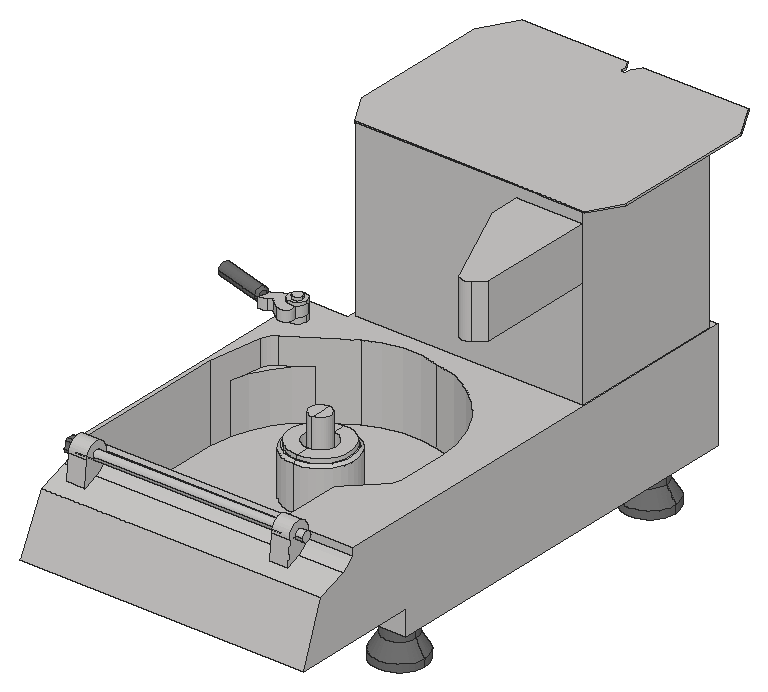
Revit family "QF_ELECTROLUXPROFESSIONAL_603283_TR260F2V20", category Specialty Equipment, Revit 2018
Family settings
  Round Connector Dimension = Use Diameter
  Part Type = Normal
  Work Plane-Based = No
  Always vertical = Yes
  Cut with Voids When Loaded = No
  Shared = No
  Room Calculation Point = No
Parameters (values of type "Standard")
  Weight = 49.00 kg
  Watts = 0 W
  Volts = 220 V
  URL Manufacturer = "http://professional.electrolux.com"
  URL = "http://professional.electrolux.com"
  Steam Supply Size = 0 mm
  Steam Supply Minimum Pressure = 0.0 Pa
  Steam Supply Maximum Pressure = 0.0 Pa
  Steam Pounds per Hour = 0
  Refrigeration Suction Line Size = 0 mm
  Refrigeration Liquid Line Size = 0 mm
  Refrigerant Compressor Remote = yes
  Manufacturer = "Electrolux Professional"
  Phase = 3
  Model = "TR260F2V20"
  Length Actual = 750 mm  # constant formula
  Item Number = "603283"
  Hot Water Size = 0 mm
  Height Actual = 440 mm  # constant formula
  HP = "2.7 HP"
  Gas Size = 0 mm
  Gas KW = 0
  Gas Input Pressure = 0 W
  Direct Waste Size = 0 mm
  Description = "VEG.SLICER-FLAT PANEL-2 SP. 200-240/3/50"
  Depth Actual = 400 mm  # constant formula
  Cycle = 50 Hz
  Condensate Return Size = 0 mm
  Compressed Air Volume = 0.0 L/s
  Compressed Air Size = 0 mm
  Compressed Air Pressure = 0.0 Pa
  Cold Water Size = 0 mm
  Accessory = yes
Reference planes
  plane 1 "Center (Front/Back)": y = 0
  plane 2: z = 0
  plane 3 "Center (Left/Right)": x = 0
  plane 4 "BASE": z = 60
  plane 5 "TOP": z = 436
  plane 6 "FRONT": y = -375
  plane 7 "BACK": y = 375
  plane 8 "LEFT": x = -200
  plane 9 "RIGHT": x = 200
  plane 10: z = 104.066
  plane 11 "CX": x = -30.257
  plane 12: through (-207.564, 46.512, 4000) normal (-0.2756, -0.9613, 0)
  plane 13 "Man0": z = 225
Forms (mm)
  Extrusion 1, solid, material "QF_Finishes_Rubber Black"
    sketch origin (0, 0, 0) x (1, 0, 0) y (0, 1, 0)
      loop
        circle (-157.5, 265) r 34
    from 0 to 9.998
  Blend 2, solid, material "QF_Finishes_Rubber Black"
    base sketch origin (0, 0, 0) x (1, 0, 0) y (0, 1, 0)
      loop
        circle (-157.5, 265) r 34
    top sketch origin (0, 0, 0) x (1, 0, 0) y (0, 1, 0)
      loop
        circle (-157.5, 265) r 22
    from 10 to 30
  Extrusion 3, solid, material "QF_Finishes_Rubber Black"
    sketch origin (0, 0, 0) x (1, 0, 0) y (0, 1, 0)
      loop
        circle (-157.5, 265) r 22
    from 30 to 60
  Extrusion 4, solid, material "QF_Finishes_Rubber Black"
    sketch origin (0, -415, 0) x (1, 0, 0) y (0, 1, 0)
      loop
        circle (-157.5, 265) r 34
    from 0 to 9.998
  Blend 5, solid, material "QF_Finishes_Rubber Black"
    base sketch origin (0, -415, 0) x (1, 0, 0) y (0, 1, 0)
      loop
        circle (-157.5, 265) r 34
    top sketch origin (0, -415, 0) x (1, 0, 0) y (0, 1, 0)
      loop
        circle (-157.5, 265) r 22
    from 10 to 30
  Extrusion 6, solid, material "QF_Finishes_Rubber Black"
    sketch origin (0, -415, 0) x (1, 0, 0) y (0, 1, 0)
      loop
        circle (-157.5, 265) r 22
    from 30 to 60
  Extrusion 7, solid, material "QF_Finishes_Rubber Black"
    sketch origin (-27.5, 0, 0) x (-1, 0, 0) y (0, -1, 0)
      loop
        circle (-157.5, -265) r 34
    from 0 to 9.998
  Blend 8, solid, material "QF_Finishes_Rubber Black"
    base sketch origin (-27.5, 0, 0) x (-1, 0, 0) y (0, -1, 0)
      loop
        circle (-157.5, -265) r 34
    top sketch origin (-27.5, 0, 0) x (-1, 0, 0) y (0, -1, 0)
      loop
        circle (-157.5, -265) r 22
    from 10 to 30
  Extrusion 9, solid, material "QF_Finishes_Rubber Black"
    sketch origin (-27.5, 0, 0) x (-1, 0, 0) y (0, -1, 0)
      loop
        circle (-157.5, -265) r 22
    from 30 to 60
  Extrusion 10, solid, material "QF_Finishes_Rubber Black"
    sketch origin (-27.5, -415, 0) x (-1, 0, 0) y (0, -1, 0)
      loop
        circle (-157.5, -265) r 34
    from 0 to 9.998
  Blend 11, solid, material "QF_Finishes_Rubber Black"
    base sketch origin (-27.5, -415, 0) x (-1, 0, 0) y (0, -1, 0)
      loop
        circle (-157.5, -265) r 34
    top sketch origin (-27.5, -415, 0) x (-1, 0, 0) y (0, -1, 0)
      loop
        circle (-157.5, -265) r 22
    from 10 to 30
  Extrusion 12, solid, material "QF_Finishes_Rubber Black"
    sketch origin (-27.5, -415, 0) x (-1, 0, 0) y (0, -1, 0)
      loop
        circle (-157.5, -265) r 22
    from 30 to 60
  Extrusion 13, solid, material "QF_Finishes_Stainless Steel"
    sketch origin (0, 0, 0) x (0, 1, 0) y (0, 0, 1)
      loop
        line (320, 60) -> (320, 205) -> (-285, 205) -> (-285, 195)
        arc (-285, 195) -> (-291.829, 187.582) -> (-300.321, 182.144) r 39.318
        line (-300.321, 182.144) -> (-337.909, 168.463) -> (-366.578, 93.777) -> (-196.578, 93.777) -> (-196.578, 60) -> (320, 60)
    from -200 to 176.117
  Extrusion 14, void
    sketch origin (0, 375, 0) x (-1, 0, 0) y (0, 0, 1)
      loop
        line (199.965, 94.282) -> (207.223, 94.282) -> (207.223, 205) -> (192.223, 205) -> (199.965, 94.282)
    from -772.928 to -41.104
  Extrusion 15, void
    sketch origin (0, 375, 0) x (-1, 0, 0) y (0, 0, 1)
      loop
        line (199.96, 94.349) -> (192.223, 205) -> (133.474, 205) -> (199.96, 94.349)
    from -55 to -281.494
  Extrusion 16, solid, material "QF_Finishes_Stainless Steel"
    sketch origin (0, 0, 0) x (1, 0, 0) y (0, 1, 0)
      loop
        line (-127.778, 308.325) -> (-127.778, 99.647) -> (173.289, 99.647) -> (173.289, 308.325) -> (-127.778, 308.325)
    from 205 to 434
  Extrusion 17, solid, material "QF_Finishes_Stainless Steel"
    sketch origin (0, 0, 0) x (1, 0, 0) y (0, 1, 0)
      loop
        line (173.289, 99.647) -> (86.117, 99.647) -> (86.117, 59.647) -> (141.727, -65.256)
        arc (141.727, -65.256) -> (150.503, -72.174) -> (161.175, -68.86) r 12
        line (161.175, -68.86) -> (173.289, -56.747) -> (173.289, 99.647)
    from 350.263 to 420.638
  Extrusion 18, solid, material "QF_Finishes_Stainless Steel"
    sketch origin (0, 0, 0) x (1, 0, 0) y (0, 1, 0)
      loop
        line (-127.778, 375) -> (-153.883, 329.785) -> (-153.883, 142.948) -> (-128.883, 99.647) -> (176.117, 99.647) -> (200, 137.879) -> (200, 327.879) -> (172.795, 375) -> (32.795, 375) -> (26.325, 363.793) -> (26.325, 357.179)
        arc (26.325, 357.179) -> (22.99, 353.845) -> (19.655, 357.179) r 3.335
        line (19.655, 357.179) -> (19.655, 363.642) -> (13.097, 375) -> (-127.778, 375)
    from 434 to 436
  Extrusion 19, void
    sketch origin (0, 0, 0) x (1, 0, 0) y (0, 1, 0)
      loop
        line (-186.4, -69.835) -> (-186.4, -275) -> (80.32, -275) -> (80.32, -195.67) -> (121.822, -154.168)
        arc (121.822, -154.168) -> (125.63, -147.573) -> (126.952, -140.073) r 21.929
        line (126.952, -140.073) -> (126.952, -78.085)
        arc (126.952, -78.085) -> (90.934, 20.602) -> (0, 73.211) r 153.956
        arc (0, 73.211) -> (-47.258, 76.401) -> (-92.835, 63.504) r 138.701
        line (-92.835, 63.504) -> (-163.303, 15.973)
        arc (-163.303, 15.973) -> (-171.312, 9.487) -> (-175.339, 0) r 21.301
        line (-175.339, 0) -> (-186.4, -69.835)
    from 205 to 104.066
  Revolve 20, solid, material "QF_Finishes_Stainless Steel"
    sketch origin (-30.257, 0, 0) x (0, 1, 0) y (0, 0, 1)
      loop
        line (-80.822, 104.066) -> (-35.822, 104.066) -> (-35.822, 161.863) -> (-39.357, 165.398) -> (-41.484, 165.398) -> (-41.484, 170.84) -> (-59.291, 170.84) -> (-59.291, 110.84) -> (-67.029, 110.84) -> (-67.029, 205) -> (-80.822, 205) -> (-80.822, 104.066)
      axis (-80.822, 205) -> (-80.822, 104.066)
    angle from 0 to 360
  Extrusion 21, solid, material "QF_Finishes_Stainless Steel"
    sketch origin (0, 0, 0) x (0, 1, 0) y (0, 0, 1)
      loop
        line (-281.525, 104.066) -> (-261.525, 104.066) -> (-281.525, 178.707) -> (-281.525, 104.066)
    from -186.4 to 80.32
  Extrusion 22, solid, material "QF_Finishes_Stainless Steel"
    sketch origin (0, 0, 0) x (1, 0, 0) y (0, 1, 0)
      loop
        line (89.692, -186.298) -> (121.822, -154.168)
        arc (121.822, -154.168) -> (125.63, -147.573) -> (126.952, -140.073) r 21.929
        line (126.952, -140.073) -> (126.952, -78.085)
        arc (126.952, -78.085) -> (117.376, -135.309) -> (89.692, -186.298) r 175.767
      loop
        line (-175.339, 0) -> (-181.899, -41.416)
        arc (-181.899, -41.416) -> (-164.892, 2.629) -> (-132.358, 36.846) r 121.308
        line (-132.358, 36.846) -> (-163.303, 15.973)
        arc (-163.303, 15.973) -> (-171.312, 9.487) -> (-175.339, 0) r 21.301
    from 104.066 to 170.84
  Extrusion 23, solid, material "QF_Finishes_Stainless Steel"
    sketch origin (0, 0, 0) x (0, 1, 0) y (0, 0, 1)
      loop
        arc (-285, 207.505) -> (-300.365, 222.87) -> (-315.73, 207.505) r 15.365
        line (-315.73, 207.505) -> (-319.115, 175.304) -> (-300.321, 182.144)
        arc (-300.321, 182.144) -> (-291.829, 187.582) -> (-285, 195) r 39.318
        line (-285, 195) -> (-285, 207.505)
      loop
        circle (-300.365, 207.505) r 6.143
    from 93.058 to 116.352
  Extrusion 24, solid, material "QF_Finishes_Stainless Steel"
    sketch origin (0, 0, 0) x (0, 1, 0) y (0, 0, 1)
      loop
        arc (-285, 207.505) -> (-300.365, 222.87) -> (-315.73, 207.505) r 15.365
        line (-315.73, 207.505) -> (-319.115, 175.304) -> (-300.321, 182.144)
        arc (-300.321, 182.144) -> (-291.829, 187.582) -> (-285, 195) r 39.318
        line (-285, 195) -> (-285, 207.505)
      loop
        circle (-300.365, 207.505) r 6.143
    from -176.149 to -152.158
  Extrusion 25, solid, material "QF_Finishes_Stainless Steel"
    sketch origin (539, 0, 0) x (0, -1, 0) y (0, 0, 1)
      loop
        circle (300.365, 207.505) r 6.143
    from 412.048 to 715.149
  Extrusion 26, solid, material "QF_Finishes_Rubber Black"
    sketch origin (0, 0, 0) x (0, 1, 0) y (0, 0, 1)
      loop
        arc (-295.752, 217.171) -> (-300.365, 216.065) -> (-304.979, 217.171) r 10.177
        arc (-304.979, 217.171) -> (-306.661, 216.17) -> (-308.133, 214.879) r 10.711
        arc (-308.133, 214.879) -> (-308.507, 210.15) -> (-310.984, 206.104) r 10.177
        arc (-310.984, 206.104) -> (-310.552, 204.195) -> (-309.779, 202.396) r 10.711
        arc (-309.779, 202.396) -> (-305.397, 200.579) -> (-302.314, 196.973) r 10.177
        arc (-302.314, 196.973) -> (-300.365, 196.794) -> (-298.416, 196.973) r 10.711
        arc (-298.416, 196.973) -> (-295.333, 200.579) -> (-290.951, 202.396) r 10.177
        arc (-290.951, 202.396) -> (-290.179, 204.195) -> (-289.746, 206.104) r 10.711
        arc (-289.746, 206.104) -> (-292.224, 210.15) -> (-292.598, 214.879) r 10.177
        arc (-292.598, 214.879) -> (-294.069, 216.17) -> (-295.752, 217.171) r 10.711
    from -186.4 to -176.149
  Extrusion 27, solid, material "QF_Finishes_Stainless Steel"
    sketch origin (0, 0, 0) x (1, 0, 0) y (0, 1, 0)
      loop
        line (-205.907, 54.309) -> (-209.222, 38.715)
        arc (-209.222, 38.715) -> (-203.487, 38.886) -> (-198.344, 41.427) r 13.476
        line (-198.344, 41.427) -> (-194.435, 44.545) -> (-179.01, 33.169)
        arc (-179.01, 33.169) -> (-166.785, 34.001) -> (-165.61, 46.198) r 9.472
        arc (-165.61, 46.198) -> (-162.103, 64.631) -> (-180.484, 68.401) r 13.364
        line (-180.484, 68.401) -> (-205.907, 54.309)
      loop
        circle (-172.145, 58.474) r 6.472
    from 213.074 to 226.288
  Extrusion 28, solid, material "QF_Finishes_Stainless Steel"
    sketch origin (0, 0, 0) x (1, 0, 0) y (0, 1, 0)
      loop
        circle (-172.145, 58.474) r 11.842
      loop
        circle (-172.145, 58.474) r 6.472
    from 205 to 229.594
  Extrusion 29, solid, material "QF_Finishes_Stainless Steel"
    sketch origin (0, 0, 436) x (-1, 0, 0) y (0, -1, 0)
      loop
        circle (172.145, -58.474) r 6.472
    from -206.406 to -203.241
  Revolve 30, solid, material "QF_Finishes_Rubber Black"
    sketch origin (0, 0, 225) x (0, -1, 0) y (1, 0, 0)
      loop
        line (-46.512, -207.564) -> (-51.402, -206.525) -> (-55.733, -209.025) -> (-73.649, -271.507) -> (-65.516, -273.839) -> (-46.512, -207.564)
      axis (-46.512, -207.564) -> (-65.516, -273.839)
    angle from 0 to 360
  Extrusion 31, void
    sketch origin (0, 0, 0) x (0, 1, 0) y (0, 0, 1)
      loop
        line (170.221, 400.652) -> (105.221, 400.652) -> (105.221, 275.652) -> (170.221, 275.652) -> (170.221, 400.652)
    from -132.358 to -121.711
  Extrusion 32, solid, material "QF_Finishes_Gray"
    sketch origin (0, 0, 0) x (0, 1, 0) y (0, 0, 1)
      loop
        line (170.221, 400.652) -> (105.221, 400.652) -> (105.221, 275.652) -> (170.221, 275.652) -> (170.221, 400.652)
    from -127.778 to -121.711
  Extrusion 33, solid, material "QF_Finishes_White"
    sketch origin (0, 0, 0) x (0, 1, 0) y (0, 0, 1)
      loop
        line (134.191, 382.73) -> (120.191, 382.73) -> (120.191, 368.73) -> (134.191, 368.73) -> (134.191, 382.73)
      loop
        line (152.538, 382.73) -> (138.538, 382.73) -> (138.538, 368.73) -> (152.538, 368.73) -> (152.538, 382.73)
      loop
        line (134.191, 341.522) -> (120.191, 341.522) -> (120.191, 327.522) -> (134.191, 327.522) -> (134.191, 341.522)
    from -129.306 to -127.778
  Extrusion 34, solid, material "QF_Finishes_Stainless Steel"
    sketch origin (0, 375, 0) x (-1, 0, 0) y (0, 0, 1)
      loop
        circle (85, 225) r 10
    from -63.871 to -66.675
Cuts and joins
  Extrusion 14, Extrusion 15, Extrusion 19 cuts Extrusion 13
  joined: Extrusion 27, Extrusion 28
  Extrusion 31 cuts Extrusion 16
Lines and regions (mm)
  symbolic lines
    curve 1: line (172.795, 375, 0) -> (32.795, 375, 0)
    curve 2: line (32.795, 375, 0) -> (26.325, 363.793, 0)
    curve 3: line (26.325, 363.793, 0) -> (26.325, 357.179, 0)
    curve 4: arc (26.325, 357.179, 0) -> (22.99, 353.845, 0) -> (19.655, 357.179, 0) r 3.335
    curve 5: line (19.655, 357.179, 0) -> (19.655, 363.642, 0)
    curve 6: line (19.655, 363.642, 0) -> (13.097, 375, 0)
    curve 7: line (13.097, 375, 0) -> (-127.778, 375, 0)
    curve 8: line (200, 327.879, 0) -> (172.795, 375, 0)
    curve 9: line (-127.778, 375, 0) -> (-153.883, 329.785, 0)
    curve 10: line (-153.883, 329.785, 0) -> (-153.883, 142.948, 0)
    curve 11: line (-153.883, 320, 0) -> (-200, 320, 0)
    curve 12: line (-200, 320, 0) -> (-200, 60, 0)
    curve 13: line (-200, 93.506, 0) -> (-133.474, 93.506, 0)
    curve 14: line (-192.223, 93.506, 0) -> (-192.223, 63.506, 0)
    curve 15: line (-133.474, 107.599, 0) -> (-133.474, 93.506, 0)
    curve 16: line (-153.883, 142.948, 0) -> (-128.883, 99.647, 0)
    curve 17: line (-128.883, 99.647, 0) -> (176.117, 99.647, 0)
    curve 18: line (86.117, 99.647, 0) -> (86.117, 59.647, 0)
    curve 19: line (86.117, 59.647, 0) -> (141.727, -65.256, 0)
    curve 20: arc (141.727, -65.256, 0) -> (150.503, -72.174, 0) -> (161.175, -68.86, 0) r 12
    curve 21: line (161.175, -68.86, 0) -> (173.289, -56.747, 0)
    curve 22: line (173.289, -56.747, 0) -> (173.289, 99.647, 0)
    curve 23: line (176.117, 99.647, 0) -> (200, 137.879, 0)
    curve 24: line (176.117, -366.578, 0) -> (176.117, 99.647, 0)
    curve 25: line (-200, 40, 0) -> (-200, -366.578, 0)
    curve 26: line (-192.223, 38.506, 0) -> (-192.223, -285, 0)
    curve 27: line (-180.484, 68.401, 0) -> (-205.907, 54.309, 0)
    curve 28: arc (-160.303, 58.474, 0) -> (-172.145, 70.316, 0) -> (-183.987, 58.474, 0) r 11.842
    curve 29: arc (-183.987, 58.474, 0) -> (-172.145, 46.632, 0) -> (-160.303, 58.474, 0) r 11.842
    curve 30: arc (-178.617, 58.474, 0) -> (-172.145, 52.002, 0) -> (-165.673, 58.474, 0) r 6.472
    curve 31: arc (-165.673, 58.474, 0) -> (-172.145, 64.946, 0) -> (-178.617, 58.474, 0) r 6.472
    curve 32: arc (-183.987, 58.474, 0) -> (-172.145, 46.632, 0) -> (-160.303, 58.474, 0) r 11.842
    curve 33: arc (-179.01, 33.169, 0) -> (-166.785, 34.001, 0) -> (-165.61, 46.198, 0) r 9.472
    curve 34: arc (-165.61, 46.198, 0) -> (-162.103, 64.631, 0) -> (-180.484, 68.401, 0) r 13.364
    curve 35: line (-194.435, 44.545, 0) -> (-179.01, 33.169, 0)
    curve 36: arc (-209.222, 38.715, 0) -> (-203.487, 38.886, 0) -> (-198.344, 41.427, 0) r 13.476
    curve 37: line (-198.344, 41.427, 0) -> (-194.435, 44.545, 0)
    curve 38: line (-205.907, 54.309, 0) -> (-209.222, 38.715, 0)
    curve 39: line (-213.689, 39.466, 0) -> (-209.025, 55.733, 0)
    curve 40: line (-271.507, 73.649, 0) -> (-276.171, 57.382, 0)
    curve 41: line (-271.507, 73.649, 0) -> (-209.025, 55.733, 0)
    curve 42: line (-209.025, 55.733, 0) -> (-206.204, 52.912, 0)
    curve 43: line (-276.171, 57.382, 0) -> (-213.689, 39.466, 0)
    curve 44: line (-214.516, 39.703, 0) -> (-208.948, 40, 0)
    curve 45: line (-92.835, 63.504, 0) -> (-163.303, 15.973, 0)
    curve 46: arc (-163.303, 15.973, 0) -> (-171.312, 9.487, 0) -> (-175.339, 0, 0) r 21.301
    curve 47: line (-175.339, 0, 0) -> (-186.4, -69.835, 0)
    curve 48: arc (-181.899, -41.416, 0) -> (-164.892, 2.629, 0) -> (-132.358, 36.846, 0) r 121.308
    curve 49: arc (0, 73.211, 0) -> (-47.258, 76.401, 0) -> (-92.835, 63.504, 0) r 138.701
    curve 50: arc (126.952, -78.085, 0) -> (90.934, 20.602, 0) -> (0, 73.211, 0) r 153.956
    curve 51: arc (126.952, -78.085, 0) -> (117.376, -135.309, 0) -> (89.692, -186.298, 0) r 175.767
    curve 52: line (126.952, -140.073, 0) -> (126.952, -78.085, 0)
    curve 53: arc (121.822, -154.168, 0) -> (125.63, -147.573, 0) -> (126.952, -140.073, 0) r 21.929
    curve 54: line (80.32, -195.67, 0) -> (121.822, -154.168, 0)
    curve 55: arc (141.727, -65.256, 0) -> (150.503, -72.174, 0) -> (161.175, -68.86, 0) r 12
    curve 56: line (161.175, -68.86, 0) -> (173.289, -56.747, 0)
    curve 57: line (-186.4, -69.835, 0) -> (-186.4, -275, 0)
    curve 58: line (-186.4, -261.525, 0) -> (80.32, -261.525, 0)
    curve 59: line (-186.4, -275, 0) -> (80.32, -275, 0)
    curve 60: line (80.32, -275, 0) -> (80.32, -195.67, 0)
    curve 61: line (-192.922, -285, 0) -> (176.117, -285, 0)
    curve 62: spline (-192.922, -285, 0) -> (-193.016, -286.001, 0) -> (-193.108, -287.06, 0) -> (-193.196, -288.174, 0) -> (-193.281, -289.341, 0) -> (-193.363, -290.56, 0) -> (-193.44, -291.827, 0) -> (-193.514, -293.141, 0) -> (-193.584, -294.499, 0) -> (-193.65, -295.898, 0) -> (-193.711, -297.337, 0) -> (-193.768, -298.812, 0) -> (-193.821, -300.321, 0)
    curve 63: line (-193.821, -300.321, 0) -> (-194.777, -337.909, 0)
    curve 64: line (-194.777, -337.909, 0) -> (-200, -366.578, 0)
    curve 65: line (-200, -366.578, 0) -> (176.117, -366.578, 0)
    curve 66: line (-194.777, -337.909, 0) -> (176.117, -337.909, 0)
    curve 67: line (-176.149, -319.115, 0) -> (-152.158, -319.115, 0)
    curve 68: line (-152.158, -319.115, 0) -> (-152.158, -285, 0)
    curve 69: line (-176.149, -285, 0) -> (-176.149, -319.115, 0)
    curve 70: line (-176.149, -315.73, 0) -> (-152.158, -315.73, 0)
    curve 71: line (-186.4, -310.984, 0) -> (-176.149, -310.984, 0)
    curve 72: line (-186.4, -308.133, 0) -> (-176.149, -308.133, 0)
    curve 73: line (-176.149, -304.979, 0) -> (-186.4, -304.979, 0)
    curve 74: line (-186.4, -295.752, 0) -> (-176.149, -295.752, 0)
    curve 75: line (-186.4, -292.598, 0) -> (-176.149, -292.598, 0)
    curve 76: line (-186.4, -289.746, 0) -> (-176.149, -289.746, 0)
    curve 77: line (-186.4, -289.746, 0) -> (-186.4, -310.984, 0)
    curve 78: line (-152.158, -294.222, 0) -> (93.058, -294.222, 0)
    curve 79: line (93.058, -319.115, 0) -> (116.352, -319.115, 0)
    curve 80: line (93.058, -285, 0) -> (93.058, -319.115, 0)
    curve 81: line (116.352, -319.115, 0) -> (116.352, -285, 0)
    curve 82: line (126.952, -306.509, 0) -> (126.952, -294.222, 0)
    curve 83: line (-152.158, -306.509, 0) -> (93.058, -306.509, 0)
    curve 84: line (116.352, -294.222, 0) -> (126.952, -294.222, 0)
    curve 85: line (116.352, -306.509, 0) -> (126.952, -306.509, 0)
    curve 86: line (200, 137.879, 0) -> (200, 327.879, 0)
Dimensions and locks
  plane 4 "BASE" to level = 60 mm
  plane 5 "TOP" to level = 436 mm  (x2)
  plane 8 "LEFT" to plane 3 "Center (Left/Right)" to plane 9 "RIGHT" = 200 mm, 200 mm
  plane 7 "BACK" to plane 1 "Center (Front/Back)" to plane 6 "FRONT" = 375 mm, 375 mm
  plane 8 "LEFT" to plane 9 "RIGHT" = 400 mm
  plane 7 "BACK" to plane 6 "FRONT" = 750 mm
  plane 13 "Man0" to level = 225 mm
  aligned and locked: level to plane 2
Connectors
  electrical at (-85, 311.129, 225), driven by "Volts"
    settings: on Extrusion 34, index 1, voltage 220 V, apparent load 0 VA, apparent load phase1 0 VA, apparent load phase2 0 VA, apparent load phase3 0 VA, power factor 1, load classification "Other", number of poles 1, system type 30, power factor state 1, is connector primary yes, connector utility no, sub classification motor no, connector description "Electrical Connection"
